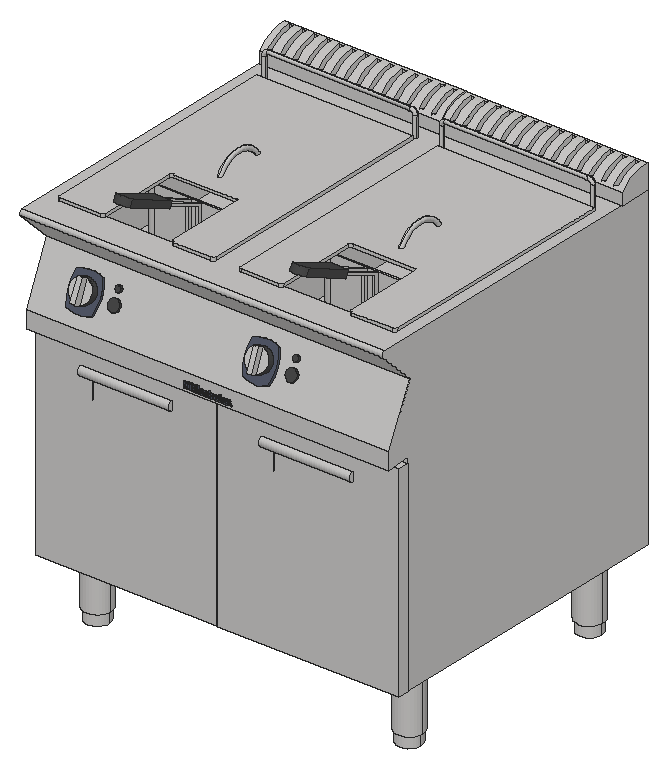
Revit family "QF_ELECTROLUXPROFESSIONAL_371069_E7FRGH2BF0", category Specialty Equipment, Revit 2018 (continued)
Automatic sketch dimensions
  Extrusion 20 sketch curve to Extrusion 20 sketch curve = 6.35 mm
  Extrusion 20 sketch curve to Extrusion 20 sketch curve = 97.432 mm
  Extrusion 21 sketch curve to plane 11 = 1.013 mm
  Extrusion 21 sketch curve to plane 11 = 3.696 mm
  Extrusion 21 sketch curve to plane 10 "TOP A" = 11.567 mm
  Extrusion 21 sketch curve to plane 11 = 84.899 mm
  Extrusion 21 sketch curve to Extrusion 21 sketch curve = 6.35 mm
  Extrusion 21 sketch curve to Extrusion 21 sketch curve = 97.432 mm
  Extrusion 21 sketch curve to plane 10 "TOP A" = 7.522 mm
  plane 1 "BACK" to Extrusion 23 sketch curve = 6.761 mm
  Extrusion 23 sketch curve to plane 7 "Center Y" = 15.351 mm
  Extrusion 23 sketch curve to Extrusion 23 sketch curve = 9.296 mm
  Extrusion 23 sketch curve to Extrusion 23 sketch curve = 57.15 mm
  plane 1 "BACK" to Extrusion 24 sketch curve = 6.761 mm
  plane 3 "LEFT" to Extrusion 24 sketch curve = 50.591 mm
  Extrusion 24 sketch curve to Extrusion 24 sketch curve = 9.296 mm
  Extrusion 24 sketch curve to Extrusion 24 sketch curve = 57.15 mm
  plane 1 "BACK" to Extrusion 25 sketch curve = 6.761 mm
  plane 3 "LEFT" to Extrusion 25 sketch curve = 78.433 mm
  Extrusion 25 sketch curve to Extrusion 25 sketch curve = 9.296 mm
  Extrusion 25 sketch curve to Extrusion 25 sketch curve = 57.15 mm
  plane 1 "BACK" to Extrusion 26 sketch curve = 6.761 mm
  plane 3 "LEFT" to Extrusion 26 sketch curve = 106.275 mm
  Extrusion 26 sketch curve to Extrusion 26 sketch curve = 9.296 mm
  Extrusion 26 sketch curve to Extrusion 26 sketch curve = 57.15 mm
  plane 1 "BACK" to Extrusion 27 sketch curve = 6.761 mm
  plane 3 "LEFT" to Extrusion 27 sketch curve = 134.118 mm
  Extrusion 27 sketch curve to Extrusion 27 sketch curve = 9.296 mm
  Extrusion 27 sketch curve to Extrusion 27 sketch curve = 57.15 mm
  plane 1 "BACK" to Extrusion 28 sketch curve = 6.761 mm
  plane 3 "LEFT" to Extrusion 28 sketch curve = 161.96 mm
  Extrusion 28 sketch curve to Extrusion 28 sketch curve = 9.296 mm
  Extrusion 28 sketch curve to Extrusion 28 sketch curve = 57.15 mm
  plane 1 "BACK" to Extrusion 29 sketch curve = 6.761 mm
  plane 3 "LEFT" to Extrusion 29 sketch curve = 189.802 mm
  Extrusion 29 sketch curve to Extrusion 29 sketch curve = 9.296 mm
  Extrusion 29 sketch curve to Extrusion 29 sketch curve = 57.15 mm
  plane 1 "BACK" to Extrusion 30 sketch curve = 6.761 mm
  Extrusion 30 sketch curve to plane 7 "Center Y" = 182.405 mm
  Extrusion 30 sketch curve to Extrusion 30 sketch curve = 9.296 mm
  Extrusion 30 sketch curve to Extrusion 30 sketch curve = 57.15 mm
  plane 1 "BACK" to Extrusion 31 sketch curve = 6.761 mm
  Extrusion 31 sketch curve to plane 7 "Center Y" = 154.563 mm
  Extrusion 31 sketch curve to Extrusion 31 sketch curve = 9.296 mm
  Extrusion 31 sketch curve to Extrusion 31 sketch curve = 57.15 mm
  plane 1 "BACK" to Extrusion 32 sketch curve = 6.761 mm
  Extrusion 32 sketch curve to plane 7 "Center Y" = 126.721 mm
  Extrusion 32 sketch curve to Extrusion 32 sketch curve = 9.296 mm
  Extrusion 32 sketch curve to Extrusion 32 sketch curve = 57.15 mm
  plane 1 "BACK" to Extrusion 33 sketch curve = 6.761 mm
  Extrusion 33 sketch curve to plane 7 "Center Y" = 98.878 mm
  Extrusion 33 sketch curve to Extrusion 33 sketch curve = 9.296 mm
  Extrusion 33 sketch curve to Extrusion 33 sketch curve = 57.15 mm
  plane 1 "BACK" to Extrusion 34 sketch curve = 6.761 mm
  Extrusion 34 sketch curve to plane 7 "Center Y" = 71.036 mm
  Extrusion 34 sketch curve to Extrusion 34 sketch curve = 9.296 mm
  Extrusion 34 sketch curve to Extrusion 34 sketch curve = 57.15 mm
  plane 1 "BACK" to Extrusion 35 sketch curve = 6.761 mm
  Extrusion 35 sketch curve to plane 7 "Center Y" = 43.194 mm
  Extrusion 35 sketch curve to Extrusion 35 sketch curve = 9.296 mm
  Extrusion 35 sketch curve to Extrusion 35 sketch curve = 57.15 mm
  Extrusion 37 sketch curve to plane 1 "BACK" = 6.761 mm
  Extrusion 37 sketch curve to plane 7 "Center Y" = 15.351 mm
  Extrusion 37 sketch curve to Extrusion 37 sketch curve = 9.296 mm
  Extrusion 37 sketch curve to Extrusion 37 sketch curve = 57.15 mm
  Extrusion 44 sketch curve to plane 1 "BACK" = 6.761 mm
  Extrusion 44 sketch curve to plane 7 "Center Y" = 182.405 mm
  Extrusion 44 sketch curve to Extrusion 44 sketch curve = 9.296 mm
  Extrusion 44 sketch curve to Extrusion 44 sketch curve = 57.15 mm
  Extrusion 45 sketch curve to plane 1 "BACK" = 6.761 mm
  Extrusion 45 sketch curve to plane 7 "Center Y" = 154.563 mm
  Extrusion 45 sketch curve to Extrusion 45 sketch curve = 9.296 mm
  Extrusion 45 sketch curve to Extrusion 45 sketch curve = 57.15 mm
  Extrusion 46 sketch curve to plane 1 "BACK" = 6.761 mm
  Extrusion 46 sketch curve to plane 7 "Center Y" = 126.721 mm
  Extrusion 46 sketch curve to Extrusion 46 sketch curve = 9.296 mm
  Extrusion 46 sketch curve to Extrusion 46 sketch curve = 57.15 mm
  Extrusion 47 sketch curve to plane 1 "BACK" = 6.761 mm
  Extrusion 47 sketch curve to plane 7 "Center Y" = 98.878 mm
  Extrusion 47 sketch curve to Extrusion 47 sketch curve = 9.296 mm
  Extrusion 47 sketch curve to Extrusion 47 sketch curve = 57.15 mm
  Extrusion 48 sketch curve to plane 1 "BACK" = 6.761 mm
  Extrusion 48 sketch curve to plane 7 "Center Y" = 71.036 mm
  Extrusion 48 sketch curve to Extrusion 48 sketch curve = 9.296 mm
  Extrusion 48 sketch curve to Extrusion 48 sketch curve = 57.15 mm
  Extrusion 49 sketch curve to plane 1 "BACK" = 6.761 mm
  Extrusion 49 sketch curve to plane 7 "Center Y" = 43.194 mm
  Extrusion 49 sketch curve to Extrusion 49 sketch curve = 9.296 mm
  Extrusion 49 sketch curve to Extrusion 49 sketch curve = 57.15 mm
  plane 1 "BACK" to Extrusion 50 sketch curve = 0 mm
  plane 7 "Center Y" to Extrusion 50 sketch curve = 1.587 mm
  Extrusion 50 sketch curve to plane 7 "Center Y" = 1.588 mm
  Extrusion 50 sketch curve to plane 1 "BACK" = 69.85 mm
  Extrusion 52 sketch curve to plane 5 "FRONT" = 42.863 mm
  Extrusion 52 sketch curve to Extrusion 52 sketch curve = 15 mm
  Extrusion 52 sketch curve to plane 9 "BASE" = 101.212 mm
  Extrusion 52 sketch curve to Extrusion 52 sketch curve = 41.212 mm
  Extrusion 53 sketch curve to plane 5 "FRONT" = 42.863 mm
  Extrusion 53 sketch curve to plane 9 "BASE" = 60 mm
  Extrusion 53 sketch curve to Extrusion 53 sketch curve = 10 mm
  Extrusion 54 sketch curve to plane 5 "FRONT" = 42.863 mm
  Extrusion 54 sketch curve to Extrusion 54 sketch curve = 15 mm
  Extrusion 54 sketch curve to plane 9 "BASE" = 60 mm
  Extrusion 54 sketch curve to Extrusion 54 sketch curve = 41.212 mm
  Extrusion 55 sketch curve to plane 5 "FRONT" = 42.863 mm
  Extrusion 55 sketch curve to plane 9 "BASE" = 40 mm
  Extrusion 55 sketch curve to Extrusion 55 sketch curve = 10 mm
  Revolve 56 sketch curve to level = 0 mm
  Revolve 56 sketch curve to plane 14 = 0 mm  (x2)
  level to Revolve 56 sketch curve = 25 mm
  Revolve 56 sketch curve to Revolve 56 sketch curve = 20 mm
  plane 3 "LEFT" to Revolve 56 sketch curve = 56 mm
  Revolve 56 sketch curve to Revolve 56 sketch curve = 0 mm
  plane 3 "LEFT" to Revolve 56 sketch curve = 29.75 mm
  plane 3 "LEFT" to Revolve 56 sketch curve = 26 mm
  Revolve 57 sketch curve to level = 0 mm
  Revolve 57 sketch curve to plane 14 = 0 mm  (x2)
  level to Revolve 57 sketch curve = 25 mm
  Revolve 57 sketch curve to Revolve 57 sketch curve = 20 mm
  plane 3 "LEFT" to Revolve 57 sketch curve = 56 mm
  Revolve 57 sketch curve to Revolve 57 sketch curve = 0 mm
  plane 3 "LEFT" to Revolve 57 sketch curve = 29.75 mm
  plane 3 "LEFT" to Revolve 57 sketch curve = 26 mm
  Extrusion 2 sketch curve to plane 10 "TOP A" = 0 mm
  Extrusion 2 sketch curve to plane 1 "BACK" = 0 mm
  Extrusion 2 sketch curve to plane 6 "TOP" = 0 mm
  plane 1 "BACK" to Extrusion 2 sketch curve = 1.769 mm
  plane 10 "TOP A" to Extrusion 2 sketch curve = 25.4 mm
  plane 1 "BACK" to Extrusion 2 sketch curve = 69.85 mm
  plane 12 to Extrusion 3 sketch curve = 0.124 mm  (x2)
  Extrusion 3 sketch curve to plane 4 "RIGHT" = 33.338 mm
  plane 7 "Center Y" to Extrusion 3 sketch curve = 26.988 mm
  Extrusion 3 sketch curve to plane 7 "Center Y" = 26.988 mm
  plane 3 "LEFT" to Extrusion 3 sketch curve = 33.338 mm
  plane 11 to Extrusion 3 sketch curve = 57.877 mm
  Extrusion 3 sketch curve to Extrusion 3 sketch curve = 0 mm
  Extrusion 5 sketch curve to Extrusion 1 = 31.333 mm  (x4)
  Extrusion 5 sketch curve to Extrusion 5 sketch curve = 12.3 mm  (x6)
  Extrusion 5 sketch curve to Extrusion 5 sketch curve = 34.925 mm  (x4)
  Extrusion 1 to Extrusion 5 sketch curve = 44.467 mm  (x2)
  Extrusion 1 to Extrusion 5 sketch curve = 248.835 mm
  Extrusion 5 sketch curve to Extrusion 5 sketch curve = 25.727 mm  (x4)
  Extrusion 5 sketch curve to Extrusion 5 sketch curve = 28.575 mm  (x2)
  Extrusion 1 to Extrusion 5 sketch curve = 162.442 mm
  Extrusion 6 sketch curve to Extrusion 6 sketch curve = 0 mm
  Extrusion 6 sketch curve to Extrusion 6 sketch curve = 388.937 mm
  Extrusion 7 sketch curve to Extrusion 7 sketch curve = 24.732 mm  (x2)
  Extrusion 7 sketch curve to Extrusion 7 sketch curve = 0 mm  (x2)
  Extrusion 1 to Extrusion 8 sketch curve = 39.678 mm  (x2)
  Extrusion 1 to Extrusion 8 sketch curve = 234.515 mm
  Extrusion 1 to Extrusion 8 sketch curve = 173.473 mm
  Extrusion 9 sketch curve to Extrusion 1 = 63.309 mm  (x2)
  Extrusion 1 to Extrusion 9 sketch curve = 234.515 mm
  Extrusion 1 to Extrusion 9 sketch curve = 173.473 mm
  plane 1 "BACK" to Extrusion 10 sketch curve = 0 mm
  Extrusion 10 sketch curve to plane 3 "LEFT" = 0 mm
  Extrusion 10 sketch curve to plane 4 "RIGHT" = 0 mm
  Extrusion 10 sketch curve to plane 3 "LEFT" = 150.019 mm
  plane 5 "FRONT" to Extrusion 10 sketch curve = 1.377 mm  (x2)
  plane 4 "RIGHT" to Extrusion 10 sketch curve = 150.019 mm
  Extrusion 10 sketch curve to plane 1 "BACK" = 150.019 mm
  curve 168 to plane 4 "RIGHT" = 0 mm
  curve 7 to plane 4 "RIGHT" = 0 mm
  plane 5 "FRONT" to curve 169 = 0 mm
  plane 1 "BACK" to curve 163 = 0 mm
  curve 6 to plane 3 "LEFT" = 0 mm
  curve 166 to plane 3 "LEFT" = 0 mm
  plane 4 "RIGHT" to curve 3 = 150.019 mm
  curve 122 to curve 121 = 9.296 mm
  curve 56 to plane 4 "RIGHT" = 26.987 mm
  curve 44 to curve 44 = 6.35 mm
  curve 43 to curve 78 = 10.61 mm
  plane 1 "BACK" to curve 129 = 6.761 mm
  curve 121 to curve 129 = 18.547 mm
  curve 128 to curve 127 = 9.296 mm
  curve 127 to curve 131 = 18.547 mm
  curve 169 to plane 4 "RIGHT" = 74.24 mm
  curve 131 to curve 132 = 9.296 mm
  curve 130 to curve 134 = 18.547 mm
  curve 169 to curve 46 = 47.997 mm
  curve 48 to plane 4 "RIGHT" = 128.587 mm
  curve 47 to curve 48 = 6.35 mm
  plane 1 "BACK" to curve 140 = 6.761 mm
  curve 136 to curve 140 = 18.547 mm
  curve 140 to curve 139 = 9.296 mm
  curve 47 to curve 67 = 54.879 mm
  curve 60 to curve 67 = 0 mm
  curve 60 to curve 67 = 3.442 mm
  curve 143 to curve 142 = 9.296 mm
  curve 58 to curve 64 = 4.079 mm
  curve 48 to curve 68 = 60.633 mm
  curve 64 to curve 63 = 5.857 mm
  curve 68 to curve 70 = 4.449 mm
  curve 67 to curve 60 = 18.617 mm
  curve 67 to curve 60 = 0 mm
  curve 63 to curve 66 = 17.363 mm
  curve 146 to curve 147 = 9.296 mm
  curve 66 to curve 65 = 5.857 mm
  curve 61 to curve 62 = 37.235 mm
  plane 1 "BACK" to curve 150 = 6.761 mm
  curve 145 to curve 150 = 18.547 mm
  curve 149 to curve 148 = 9.296 mm
  curve 65 to curve 50 = 51.399 mm
  curve 152 to curve 151 = 9.296 mm
  curve 62 to curve 62 = 53.67 mm
  curve 51 to curve 53 = 6.35 mm
  plane 1 "BACK" to curve 156 = 6.761 mm
  curve 151 to curve 156 = 18.547 mm
  curve 155 to curve 156 = 9.296 mm
  curve 158 to curve 159 = 9.296 mm
  plane 7 "Center Y" to curve 169 = 54.971 mm
  curve 157 to curve 161 = 18.547 mm
  curve 161 to curve 160 = 9.296 mm
  plane 7 "Center Y" to curve 53 = 33.338 mm
  plane 7 "Center Y" to curve 79 = 28.891 mm
  curve 54 to curve 54 = 6.35 mm
  curve 160 to curve 125 = 18.547 mm
  curve 125 to curve 124 = 9.296 mm
  plane 7 "Center Y" to curve 168 = 3.9 mm
  plane 7 "Center Y" to curve 163 = 1.588 mm
  curve 164 to plane 7 "Center Y" = 1.587 mm
  curve 166 to plane 7 "Center Y" = 3.9 mm
  plane 1 "BACK" to curve 82 = 6.761 mm
  curve 164 to curve 82 = 13.764 mm
  curve 24 to plane 7 "Center Y" = 26.988 mm
  curve 23 to curve 77 = 1.903 mm
  curve 22 to curve 22 = 6.35 mm
  curve 83 to curve 118 = 18.547 mm
  curve 118 to curve 120 = 9.296 mm
  curve 167 to plane 7 "Center Y" = 54.971 mm
  curve 116 to curve 112 = 18.547 mm
  curve 112 to curve 113 = 9.296 mm
  curve 22 to curve 20 = 82.55 mm
  curve 18 to plane 7 "Center Y" = 122.238 mm
  plane 1 "BACK" to curve 109 = 6.761 mm
  curve 113 to curve 109 = 18.547 mm
  curve 18 to curve 17 = 6.35 mm
  curve 109 to curve 110 = 9.296 mm
  plane 1 "BACK" to curve 108 = 6.761 mm
  curve 110 to curve 108 = 18.547 mm
  curve 106 to curve 107 = 9.296 mm
  curve 27 to plane 11 = 5.711 mm
  curve 19 to curve 27 = 53.67 mm
  curve 26 to curve 34 = 4.079 mm
  curve 107 to curve 103 = 18.547 mm
  curve 34 to curve 35 = 5.857 mm
  curve 103 to curve 104 = 9.296 mm
  curve 36 to curve 36 = 18.617 mm
  curve 29 to curve 36 = 0 mm
  plane 8 "Center X" to curve 38 = 38.031 mm
  curve 18 to curve 38 = 66.994 mm
  curve 40 to curve 40 = 4.449 mm
  curve 35 to curve 32 = 17.363 mm
  curve 32 to curve 33 = 5.857 mm
  plane 1 "BACK" to curve 102 = 6.761 mm
  curve 104 to curve 102 = 18.547 mm
  curve 33 to curve 28 = 4.079 mm
  curve 36 to curve 36 = 3.442 mm
  curve 36 to curve 29 = 3.442 mm
  curve 100 to curve 101 = 9.296 mm
  curve 101 to curve 97 = 18.547 mm
  curve 97 to curve 99 = 9.296 mm
  curve 33 to curve 17 = 56.049 mm
  plane 1 "BACK" to curve 94 = 6.761 mm
  curve 98 to curve 94 = 18.547 mm
  curve 16 to curve 15 = 6.35 mm
  curve 94 to curve 95 = 9.296 mm
  curve 15 to curve 14 = 6.35 mm
  curve 95 to curve 91 = 18.547 mm
  plane 1 "BACK" to curve 88 = 6.761 mm
  curve 92 to curve 88 = 18.547 mm
  curve 167 to curve 5 = 74.24 mm
  curve 88 to curve 90 = 9.296 mm
  plane 3 "LEFT" to curve 75 = 37.598 mm
  plane 3 "LEFT" to curve 12 = 33.338 mm
  curve 75 to curve 11 = 10.61 mm
  curve 8 to curve 9 = 9.296 mm
  plane 5 "FRONT" to curve 1 = 1.377 mm
  curve 1 to plane 3 "LEFT" = 150.019 mm
  curve 1 to plane 1 "BACK" = 150.019 mm
  plane 1 "BACK" to curve 162 = 6.761 mm
  plane 1 "BACK" to curve 98 = 6.761 mm
  plane 1 "BACK" to curve 8 = 6.761 mm
  plane 1 "BACK" to curve 93 = 6.761 mm
  plane 1 "BACK" to curve 159 = 6.761 mm
  plane 1 "BACK" to curve 87 = 6.761 mm
  plane 1 "BACK" to curve 153 = 6.761 mm
  plane 1 "BACK" to curve 147 = 6.761 mm
  plane 1 "BACK" to curve 103 = 6.761 mm
  plane 1 "BACK" to curve 144 = 6.761 mm
  plane 1 "BACK" to curve 138 = 6.761 mm
  plane 1 "BACK" to curve 112 = 6.761 mm
  plane 1 "BACK" to curve 135 = 6.761 mm
  plane 1 "BACK" to curve 115 = 6.761 mm
  plane 1 "BACK" to curve 132 = 6.761 mm
  plane 1 "BACK" to curve 118 = 6.761 mm
  plane 1 "BACK" to curve 121 = 6.761 mm
  plane 1 "BACK" to curve 126 = 6.761 mm
  curve 125 to curve 125 = 57.15 mm
  curve 127 to curve 121 = 0 mm
  curve 130 to curve 127 = 0 mm
  curve 133 to curve 130 = 0 mm
  curve 136 to curve 133 = 0 mm
  curve 139 to curve 136 = 0 mm
  curve 142 to curve 139 = 0 mm
  curve 145 to curve 142 = 0 mm
  curve 118 to curve 82 = 0 mm
  curve 148 to curve 145 = 0 mm
  curve 8 to curve 85 = 0 mm
  curve 151 to curve 148 = 0 mm
  curve 85 to curve 88 = 0 mm
  curve 154 to curve 151 = 0 mm
  curve 88 to curve 91 = 0 mm
  curve 157 to curve 154 = 0 mm
  curve 94 to curve 98 = 0 mm
  curve 125 to curve 160 = 0 mm
  curve 82 to curve 164 = 5.939 mm
  curve 25 to curve 165 = 0 mm
  curve 125 to curve 78 = 36.504 mm
  curve 83 to curve 77 = 36.504 mm
  curve 74 to curve 75 = 7.655 mm
  curve 78 to curve 79 = 7.655 mm
  curve 79 to curve 56 = 4.767 mm
  curve 75 to curve 11 = 4.767 mm
  plane 8 "Center X" to curve 71 = 38.031 mm
  curve 37 to plane 8 "Center X" = 63.432 mm
  curve 70 to plane 8 "Center X" = 63.432 mm
  curve 69 to curve 50 = 46.229 mm
  curve 37 to curve 16 = 46.229 mm
  curve 50 to curve 72 = 22.324 mm
  curve 16 to curve 41 = 22.324 mm
  curve 72 to curve 73 = 3.175 mm
  curve 41 to curve 42 = 3.175 mm
  curve 66 to plane 11 = 5.711 mm
  plane 11 to curve 55 = 57.877 mm
  plane 11 to curve 19 = 57.877 mm
  plane 11 to curve 43 = 57.877 mm
  plane 11 to curve 15 = 57.877 mm
  curve 11 to curve 166 = 31.626 mm
  curve 43 to curve 168 = 31.626 mm
  curve 30 to curve 36 = 33.188 mm
  curve 61 to curve 67 = 33.188 mm
  curve 67 to curve 60 = 6.713 mm
  curve 36 to curve 29 = 6.713 mm  (x2)
  curve 29 to curve 36 = 4.011 mm
  curve 60 to curve 67 = 4.011 mm
  curve 67 to curve 59 = 6.713 mm
  plane 5 "FRONT" to curve 3 = 1.377 mm
  Extrusion 11 sketch curve to plane 4 "RIGHT" = 26.988 mm
  Extrusion 11 sketch curve to Extrusion 11 sketch curve = 6.35 mm  (x8)
  Extrusion 11 sketch curve to Extrusion 11 sketch curve = 88.9 mm
  Extrusion 11 sketch curve to plane 4 "RIGHT" = 128.588 mm
  plane 7 "Center Y" to Extrusion 11 sketch curve = 128.588 mm
  plane 11 to Extrusion 11 sketch curve = 57.877 mm  (x4)
  plane 7 "Center Y" to Extrusion 11 sketch curve = 122.238 mm
  plane 7 "Center Y" to Extrusion 11 sketch curve = 33.338 mm
  Extrusion 11 sketch curve to plane 7 "Center Y" = 26.988 mm
  Extrusion 11 sketch curve to Extrusion 11 sketch curve = 82.55 mm
  plane 3 "LEFT" to Extrusion 11 sketch curve = 134.938 mm
  plane 3 "LEFT" to Extrusion 11 sketch curve = 128.588 mm
  plane 3 "LEFT" to Extrusion 11 sketch curve = 33.338 mm
  plane 3 "LEFT" to Extrusion 11 sketch curve = 26.988 mm
  Extrusion 11 sketch curve to plane 8 "Center X" = 116.012 mm  (x2)
  Extrusion 11 sketch curve to plane 12 = 34.801 mm  (x2)
  Sweep 12 sketch curve to plane 10 "TOP A" = 0 mm  (x2)
  Sweep 12 sketch curve to plane 6 "TOP" = 9.525 mm
  plane 3 "LEFT" to Sweep 12 sketch curve = 39.688 mm
  Sweep 12 sketch curve to Sweep 12 sketch curve = 6.35 mm  (x2)
  Sweep 12 sketch curve to plane 7 "Center Y" = 37.331 mm
  Sweep 12 sketch curve to profile plane = 2.09 mm
  profile plane to Sweep 12 sketch curve = 140.754 mm
  Extrusion 19 sketch curve to Extrusion 19 sketch curve = 0 mm  (x16)
  Extrusion 19 sketch curve to plane 4 "RIGHT" = 91.225 mm
  Extrusion 19 sketch curve to Extrusion 19 sketch curve = 3.175 mm  (x2)
  Extrusion 19 sketch curve to Extrusion 19 sketch curve = 22.225 mm  (x6)
  plane 7 "Center Y" to Extrusion 19 sketch curve = 105.625 mm  (x2)
  plane 12 to Extrusion 19 sketch curve = 44.673 mm
  Extrusion 19 sketch curve to plane 7 "Center Y" = 80.225 mm
  plane 3 "LEFT" to Extrusion 19 sketch curve = 116.625 mm  (x2)
  plane 12 to Extrusion 19 sketch curve = 41.498 mm
  Extrusion 19 sketch curve to plane 8 "Center X" = 116.11 mm  (x2)
  Sweep 22 sketch curve to plane 10 "TOP A" = 0 mm  (x2)
  Sweep 22 sketch curve to plane 6 "TOP" = 9.525 mm
  Sweep 22 sketch curve to plane 4 "RIGHT" = 39.688 mm
  Sweep 22 sketch curve to Sweep 22 sketch curve = 6.35 mm  (x2)
  plane 7 "Center Y" to Sweep 22 sketch curve = 37.331 mm
  profile plane to Sweep 22 sketch curve = 2.09 mm
  profile plane to Sweep 22 sketch curve = 140.754 mm
  Extrusion 36 sketch curve to plane 1 "BACK" = 6.761 mm
  plane 4 "RIGHT" to Extrusion 36 sketch curve = 22.749 mm
  Extrusion 36 sketch curve to Extrusion 36 sketch curve = 9.296 mm
  Extrusion 36 sketch curve to Extrusion 36 sketch curve = 57.15 mm
  Extrusion 38 sketch curve to plane 1 "BACK" = 6.761 mm
  plane 4 "RIGHT" to Extrusion 38 sketch curve = 50.591 mm
  Extrusion 38 sketch curve to Extrusion 38 sketch curve = 9.296 mm
  Extrusion 38 sketch curve to Extrusion 38 sketch curve = 57.15 mm
  Extrusion 39 sketch curve to plane 1 "BACK" = 6.761 mm
  plane 4 "RIGHT" to Extrusion 39 sketch curve = 78.433 mm
  Extrusion 39 sketch curve to Extrusion 39 sketch curve = 9.296 mm
  Extrusion 39 sketch curve to Extrusion 39 sketch curve = 57.15 mm
  Extrusion 40 sketch curve to plane 1 "BACK" = 6.761 mm
  plane 4 "RIGHT" to Extrusion 40 sketch curve = 106.275 mm
  Extrusion 40 sketch curve to Extrusion 40 sketch curve = 9.296 mm
  Extrusion 40 sketch curve to Extrusion 40 sketch curve = 57.15 mm
  Extrusion 41 sketch curve to plane 1 "BACK" = 6.761 mm
  plane 4 "RIGHT" to Extrusion 41 sketch curve = 134.118 mm
  Extrusion 41 sketch curve to Extrusion 41 sketch curve = 9.296 mm
  Extrusion 41 sketch curve to Extrusion 41 sketch curve = 57.15 mm
  Extrusion 42 sketch curve to plane 1 "BACK" = 6.761 mm
  plane 4 "RIGHT" to Extrusion 42 sketch curve = 161.96 mm
  Extrusion 42 sketch curve to Extrusion 42 sketch curve = 9.296 mm
  Extrusion 42 sketch curve to Extrusion 42 sketch curve = 57.15 mm
  Extrusion 43 sketch curve to plane 1 "BACK" = 6.761 mm
  plane 4 "RIGHT" to Extrusion 43 sketch curve = 189.802 mm
  Extrusion 43 sketch curve to Extrusion 43 sketch curve = 9.296 mm
  Extrusion 43 sketch curve to Extrusion 43 sketch curve = 57.15 mm
  Extrusion 51 sketch curve to Extrusion 1 = 0 mm
  Extrusion 1 to Extrusion 51 sketch curve = 12.7 mm
  Extrusion 1 to Extrusion 51 sketch curve = 398.463 mm
  Extrusion 51 sketch curve to Extrusion 51 sketch curve = 3.175 mm
  Revolve 58 sketch curve to level = 0 mm
  Revolve 58 sketch curve to plane 14 = 0 mm  (x2)
  level to Revolve 58 sketch curve = 25 mm
  Revolve 58 sketch curve to Revolve 58 sketch curve = 20 mm
  Revolve 58 sketch curve to plane 4 "RIGHT" = 26 mm
  Revolve 58 sketch curve to Revolve 58 sketch curve = 3.75 mm
  Revolve 58 sketch curve to Revolve 58 sketch curve = 30 mm
  Revolve 58 sketch curve to Revolve 58 sketch curve = 0 mm
  Revolve 59 sketch curve to level = 0 mm
  Revolve 59 sketch curve to plane 14 = 0 mm  (x2)
  level to Revolve 59 sketch curve = 25 mm
  Revolve 59 sketch curve to Revolve 59 sketch curve = 20 mm
  Revolve 59 sketch curve to plane 4 "RIGHT" = 26 mm
  Revolve 59 sketch curve to Revolve 59 sketch curve = 3.75 mm
  Revolve 59 sketch curve to Revolve 59 sketch curve = 30 mm
  Revolve 59 sketch curve to Revolve 59 sketch curve = 0 mm
  Extrusion 60 sketch curve to plane 4 "RIGHT" = 0 mm
  Extrusion 60 sketch curve to plane 3 "LEFT" = 0 mm
  plane 7 "Center Y" to Extrusion 60 sketch curve = 1.588 mm
  Extrusion 60 sketch curve to plane 7 "Center Y" = 1.588 mm
  Extrusion 60 sketch curve to plane 5 "FRONT" = 42.863 mm  (x2)
  Extrusion 61 sketch curve to plane 4 "RIGHT" = 56 mm
  Extrusion 61 sketch curve to plane 11 = 92.884 mm
  plane 3 "LEFT" to curve 170 = 13.453 mm
  curve 170 to curve 170 = 9.296 mm
  curve 170 to curve 172 = 18.547 mm
  curve 172 to curve 172 = 9.296 mm
  curve 172 to curve 173 = 18.547 mm
  curve 173 to curve 173 = 9.296 mm
  curve 173 to curve 174 = 18.547 mm
  curve 174 to curve 174 = 9.296 mm
  curve 174 to curve 175 = 18.547 mm
  curve 175 to curve 175 = 9.296 mm
  curve 175 to curve 176 = 18.547 mm
  curve 176 to curve 176 = 9.296 mm
  curve 176 to curve 177 = 18.547 mm
  curve 177 to curve 177 = 9.296 mm
  curve 177 to curve 178 = 18.547 mm
  curve 178 to curve 178 = 9.296 mm
  curve 178 to curve 179 = 18.547 mm
  curve 179 to curve 179 = 9.296 mm
  curve 179 to curve 180 = 18.547 mm
  curve 180 to curve 180 = 9.296 mm
  curve 180 to curve 181 = 18.547 mm
  curve 181 to curve 181 = 9.296 mm
  curve 181 to curve 182 = 18.547 mm
  curve 182 to curve 182 = 9.296 mm
  curve 182 to curve 183 = 18.547 mm
  curve 183 to curve 183 = 9.296 mm
  curve 183 to curve 171 = 18.547 mm
  curve 171 to curve 171 = 9.296 mm
  plane 7 "Center Y" to curve 185 = 15.351 mm
  curve 185 to curve 185 = 9.296 mm
  curve 185 to curve 197 = 18.547 mm
  curve 197 to curve 197 = 9.296 mm
  curve 197 to curve 196 = 18.547 mm
  curve 196 to curve 196 = 9.296 mm
  curve 196 to curve 195 = 18.547 mm
  curve 195 to curve 195 = 9.296 mm
  curve 195 to curve 194 = 18.547 mm
  curve 194 to curve 194 = 9.296 mm
  curve 194 to curve 193 = 18.547 mm
  curve 193 to curve 193 = 9.296 mm
  curve 193 to curve 192 = 18.547 mm
  curve 192 to curve 192 = 9.296 mm
  curve 192 to curve 191 = 18.547 mm
  curve 191 to curve 191 = 9.296 mm
  curve 191 to curve 190 = 18.547 mm
  curve 190 to curve 190 = 9.296 mm
  curve 190 to curve 189 = 18.547 mm
  curve 189 to curve 189 = 9.296 mm
  curve 189 to curve 188 = 18.547 mm
  curve 188 to curve 188 = 9.296 mm
  curve 188 to curve 187 = 18.547 mm
  curve 187 to curve 187 = 9.296 mm
  curve 187 to curve 186 = 18.547 mm
  curve 186 to curve 186 = 9.296 mm
  curve 186 to curve 184 = 18.547 mm
  curve 184 to curve 184 = 9.296 mm
  plane 1 "BACK" to curve 170 = 63.911 mm
  plane 1 "BACK" to curve 171 = 63.911 mm
  curve 170 to curve 172 = 0 mm
  curve 172 to curve 173 = 0 mm
  curve 173 to curve 174 = 0 mm
  curve 174 to curve 175 = 0 mm
  curve 175 to curve 176 = 0 mm
  curve 176 to curve 177 = 0 mm
  curve 177 to curve 178 = 0 mm
  curve 178 to curve 179 = 0 mm
  curve 179 to curve 180 = 0 mm
  curve 180 to curve 181 = 0 mm
  curve 181 to curve 182 = 0 mm
  curve 182 to curve 183 = 0 mm
  plane 1 "BACK" to curve 184 = 63.911 mm
  curve 171 to curve 185 = 0 mm
  curve 186 to curve 184 = 0 mm
  curve 187 to curve 186 = 0 mm
  curve 188 to curve 187 = 0 mm
  curve 189 to curve 188 = 0 mm
  curve 190 to curve 189 = 0 mm
  curve 191 to curve 190 = 0 mm
  curve 192 to curve 191 = 0 mm
  curve 193 to curve 192 = 0 mm
  curve 194 to curve 193 = 0 mm
  curve 195 to curve 194 = 0 mm
  curve 196 to curve 195 = 0 mm
  curve 197 to curve 196 = 0 mm
  curve 122 to plane 4 "RIGHT" = 13.453 mm
  curve 134 to curve 133 = 9.296 mm
  curve 133 to curve 138 = 18.547 mm
  curve 137 to curve 138 = 9.296 mm
  curve 139 to curve 143 = 18.547 mm
  curve 142 to curve 146 = 18.547 mm
  curve 148 to curve 152 = 18.547 mm
  curve 154 to curve 158 = 18.547 mm
  curve 82 to curve 84 = 9.296 mm
  curve 119 to curve 115 = 18.547 mm
  curve 115 to curve 116 = 9.296 mm
  curve 91 to curve 92 = 9.296 mm
  curve 89 to curve 85 = 18.547 mm
  curve 85 to curve 86 = 9.296 mm
  curve 86 to curve 10 = 18.547 mm
  curve 112 to curve 112 = 57.15 mm
  curve 113 to curve 112 = 0 mm
  curve 112 to curve 115 = 0 mm
  curve 116 to curve 115 = 0 mm
  curve 115 to curve 118 = 0 mm
  curve 110 to curve 113 = 0 mm
  curve 110 to curve 109 = 0 mm
  curve 119 to curve 118 = 0 mm
  curve 121 to curve 165 = 5.939 mm
  curve 121 to curve 122 = 0 mm
  curve 124 to curve 125 = 0 mm
  curve 107 to curve 110 = 0 mm
  curve 107 to curve 106 = 0 mm
  curve 127 to curve 128 = 0 mm
  curve 104 to curve 107 = 0 mm
  curve 104 to curve 103 = 0 mm
  curve 130 to curve 131 = 0 mm
  curve 133 to curve 134 = 0 mm
  curve 101 to curve 104 = 0 mm
  curve 101 to curve 100 = 0 mm
  curve 136 to curve 137 = 0 mm
  curve 139 to curve 140 = 0 mm
  curve 98 to curve 101 = 0 mm
  curve 98 to curve 97 = 0 mm
  curve 142 to curve 143 = 0 mm
  curve 86 to curve 25 = 5.939 mm
  curve 86 to curve 85 = 0 mm
  curve 95 to curve 94 = 0 mm
  curve 145 to curve 146 = 0 mm
  curve 148 to curve 149 = 0 mm
  curve 92 to curve 91 = 0 mm
  curve 151 to curve 152 = 0 mm
  curve 154 to curve 155 = 0 mm
  curve 89 to curve 88 = 0 mm
  curve 9 to curve 8 = 0 mm
  curve 160 to curve 161 = 0 mm
  curve 83 to curve 82 = 0 mm
  curve 157 to curve 158 = 0 mm
  plane 9 "BASE" to Extrusion 62 sketch curve = 9.251 mm
  plane 9 "BASE" to Extrusion 62 sketch curve = 14.292 mm
  plane 7 "Center Y" to Extrusion 62 sketch curve = 5.651 mm
  plane 9 "BASE" to Extrusion 62 sketch curve = 14.311 mm
  Extrusion 62 sketch curve to Extrusion 62 sketch curve = 0 mm  (x28)
  Extrusion 62 sketch curve to Extrusion 62 sketch curve = 5.108 mm  (x2)
  Extrusion 62 sketch curve to Extrusion 62 sketch curve = 0.054 mm
  Extrusion 62 sketch curve to Extrusion 62 sketch curve = 0.218 mm
  Extrusion 62 sketch curve to Extrusion 62 sketch curve = 0.195 mm
  Extrusion 62 sketch curve to Extrusion 62 sketch curve = 0.249 mm
  plane 9 "BASE" to Extrusion 62 sketch curve = 14.608 mm
  Extrusion 62 sketch curve to Extrusion 62 sketch curve = 0.087 mm
  Extrusion 62 sketch curve to Extrusion 62 sketch curve = 0.358 mm
  Extrusion 62 sketch curve to Extrusion 62 sketch curve = 0.481 mm
  Extrusion 62 sketch curve to Extrusion 62 sketch curve = 0.597 mm
  Extrusion 62 sketch curve to Extrusion 62 sketch curve = 0.544 mm
  Extrusion 62 sketch curve to Extrusion 62 sketch curve = 0.936 mm
  Extrusion 62 sketch curve to Extrusion 62 sketch curve = 0.594 mm
  Extrusion 62 sketch curve to Extrusion 62 sketch curve = 0.343 mm
  Extrusion 62 sketch curve to Extrusion 62 sketch curve = 0.159 mm
  Extrusion 62 sketch curve to Extrusion 62 sketch curve = 0.826 mm
  Extrusion 62 sketch curve to Extrusion 62 sketch curve = 0.839 mm
  Extrusion 62 sketch curve to Extrusion 62 sketch curve = 0.852 mm
  Extrusion 62 sketch curve to Extrusion 62 sketch curve = 0.887 mm
  Extrusion 62 sketch curve to Extrusion 62 sketch curve = 0.928 mm
  Extrusion 62 sketch curve to Extrusion 62 sketch curve = 0.938 mm
  Extrusion 62 sketch curve to Extrusion 62 sketch curve = 0.444 mm
  Extrusion 62 sketch curve to Extrusion 62 sketch curve = 1.11 mm  (x3)
  Extrusion 62 sketch curve to Extrusion 62 sketch curve = 0.215 mm
  plane 7 "Center Y" to Extrusion 62 sketch curve = 0.014 mm
  Extrusion 62 sketch curve to Extrusion 62 sketch curve = 1.43 mm
  Extrusion 62 sketch curve to Extrusion 62 sketch curve = 1.188 mm
  Extrusion 62 sketch curve to Extrusion 62 sketch curve = 1.21 mm  (x2)
  Extrusion 62 sketch curve to Extrusion 62 sketch curve = 0.503 mm
  Extrusion 62 sketch curve to Extrusion 62 sketch curve = 0.488 mm
  Extrusion 62 sketch curve to Extrusion 62 sketch curve = 0.462 mm
  Extrusion 62 sketch curve to Extrusion 62 sketch curve = 1.386 mm
  Extrusion 62 sketch curve to Extrusion 62 sketch curve = 1.742 mm  (x2)
  Extrusion 62 sketch curve to Extrusion 62 sketch curve = 0.821 mm
  Extrusion 62 sketch curve to Extrusion 62 sketch curve = 0.497 mm
  Extrusion 62 sketch curve to Extrusion 62 sketch curve = 0.539 mm
  Extrusion 62 sketch curve to Extrusion 62 sketch curve = 0.686 mm
  Extrusion 62 sketch curve to plane 7 "Center Y" = 0.36 mm
  Extrusion 62 sketch curve to Extrusion 62 sketch curve = 0.408 mm
  Extrusion 62 sketch curve to Extrusion 62 sketch curve = 0.743 mm
  Extrusion 62 sketch curve to Extrusion 62 sketch curve = 1.16 mm
  Extrusion 62 sketch curve to Extrusion 62 sketch curve = 0.329 mm
  Extrusion 62 sketch curve to Extrusion 62 sketch curve = 1.054 mm
  Extrusion 62 sketch curve to Extrusion 62 sketch curve = 1.056 mm
  Extrusion 62 sketch curve to Extrusion 62 sketch curve = 0.129 mm
  Extrusion 62 sketch curve to Extrusion 62 sketch curve = 0.489 mm
  Extrusion 62 sketch curve to Extrusion 62 sketch curve = 0.441 mm
  Extrusion 62 sketch curve to Extrusion 62 sketch curve = 1.151 mm
  Extrusion 62 sketch curve to Extrusion 62 sketch curve = 1.141 mm  (x2)
  Extrusion 62 sketch curve to Extrusion 62 sketch curve = 0.768 mm
  Extrusion 62 sketch curve to Extrusion 62 sketch curve = 1.653 mm
  Extrusion 62 sketch curve to Extrusion 62 sketch curve = 0.499 mm
  Extrusion 62 sketch curve to Extrusion 62 sketch curve = 0.964 mm
  Extrusion 62 sketch curve to Extrusion 62 sketch curve = 0.949 mm
  Extrusion 62 sketch curve to Extrusion 62 sketch curve = 1.345 mm  (x2)
  Extrusion 62 sketch curve to Extrusion 62 sketch curve = 0.137 mm  (x2)
  Extrusion 62 sketch curve to Extrusion 62 sketch curve = 0.432 mm
  Extrusion 62 sketch curve to Extrusion 62 sketch curve = 1.142 mm
  Extrusion 62 sketch curve to Extrusion 62 sketch curve = 0.959 mm
  Extrusion 62 sketch curve to Extrusion 62 sketch curve = 0.176 mm
  Extrusion 62 sketch curve to Extrusion 62 sketch curve = 0.728 mm
  Extrusion 62 sketch curve to Extrusion 62 sketch curve = 3.375 mm  (x2)
  Extrusion 62 sketch curve to Extrusion 62 sketch curve = 1.905 mm
  Extrusion 62 sketch curve to Extrusion 62 sketch curve = 0.955 mm
  Extrusion 62 sketch curve to Extrusion 62 sketch curve = 1.251 mm
  Extrusion 62 sketch curve to Extrusion 62 sketch curve = 0.572 mm
  Extrusion 62 sketch curve to Extrusion 62 sketch curve = 1.92 mm
  Extrusion 62 sketch curve to Extrusion 62 sketch curve = 1.224 mm
  Extrusion 62 sketch curve to Extrusion 62 sketch curve = 0.745 mm
  Extrusion 62 sketch curve to Extrusion 62 sketch curve = 0.036 mm
  Extrusion 62 sketch curve to Extrusion 62 sketch curve = 0.896 mm  (x3)
  Extrusion 62 sketch curve to Extrusion 62 sketch curve = 2.607 mm
  Extrusion 62 sketch curve to Extrusion 62 sketch curve = 0.066 mm
  Extrusion 62 sketch curve to Extrusion 62 sketch curve = 0.248 mm
  Extrusion 62 sketch curve to Extrusion 62 sketch curve = 0.449 mm
  Extrusion 62 sketch curve to Extrusion 62 sketch curve = 1.052 mm
  Extrusion 62 sketch curve to Extrusion 62 sketch curve = 1.863 mm
  Extrusion 62 sketch curve to Extrusion 62 sketch curve = 1.31 mm  (x2)
  Extrusion 62 sketch curve to Extrusion 62 sketch curve = 0.901 mm
  Extrusion 62 sketch curve to Extrusion 62 sketch curve = 1.107 mm
  Extrusion 62 sketch curve to Extrusion 62 sketch curve = 2.122 mm
  Extrusion 62 sketch curve to Extrusion 62 sketch curve = 2.101 mm
  Extrusion 62 sketch curve to Extrusion 62 sketch curve = 0.106 mm
  Extrusion 62 sketch curve to Extrusion 62 sketch curve = 0.029 mm
  Extrusion 62 sketch curve to Extrusion 62 sketch curve = 2.09 mm
  Extrusion 62 sketch curve to Extrusion 62 sketch curve = 1.279 mm
  Extrusion 62 sketch curve to Extrusion 62 sketch curve = 2.008 mm
  Extrusion 62 sketch curve to Extrusion 62 sketch curve = 0.738 mm
  Extrusion 62 sketch curve to Extrusion 62 sketch curve = 0.382 mm
  Extrusion 62 sketch curve to Extrusion 62 sketch curve = 0.384 mm
  Extrusion 62 sketch curve to Extrusion 62 sketch curve = 0.002 mm
  Extrusion 62 sketch curve to Extrusion 62 sketch curve = 0.561 mm
  Extrusion 62 sketch curve to Extrusion 62 sketch curve = 0.592 mm
  Extrusion 62 sketch curve to Extrusion 62 sketch curve = 2.692 mm
  Extrusion 62 sketch curve to Extrusion 62 sketch curve = 1.259 mm
  Extrusion 62 sketch curve to Extrusion 62 sketch curve = 0.802 mm
  Extrusion 62 sketch curve to Extrusion 62 sketch curve = 1.024 mm
  Extrusion 62 sketch curve to Extrusion 62 sketch curve = 0.682 mm
  Extrusion 62 sketch curve to Extrusion 62 sketch curve = 5.934 mm
  Extrusion 62 sketch curve to Extrusion 62 sketch curve = 2.186 mm
  Extrusion 62 sketch curve to Extrusion 62 sketch curve = 0.337 mm
  Extrusion 62 sketch curve to Extrusion 62 sketch curve = 0.021 mm
  Extrusion 62 sketch curve to Extrusion 62 sketch curve = 1.005 mm
  Extrusion 62 sketch curve to Extrusion 62 sketch curve = 0.552 mm
  Extrusion 62 sketch curve to Extrusion 62 sketch curve = 0.778 mm
  Extrusion 62 sketch curve to Extrusion 62 sketch curve = 0.063 mm
  Extrusion 62 sketch curve to Extrusion 62 sketch curve = 1.023 mm
  Extrusion 62 sketch curve to Extrusion 62 sketch curve = 3.804 mm
  Extrusion 62 sketch curve to Extrusion 62 sketch curve = 0.486 mm
  Extrusion 62 sketch curve to Extrusion 62 sketch curve = 0.266 mm  (x2)
  Extrusion 62 sketch curve to plane 7 "Center Y" = 1.105 mm
  Extrusion 62 sketch curve to Extrusion 62 sketch curve = 1.547 mm
  Extrusion 62 sketch curve to Extrusion 62 sketch curve = 0.717 mm  (x2)
  Extrusion 62 sketch curve to Extrusion 62 sketch curve = 1.667 mm
  Extrusion 62 sketch curve to Extrusion 62 sketch curve = 3.174 mm
  plane 7 "Center Y" to Extrusion 62 sketch curve = 0.05 mm
  Extrusion 62 sketch curve to Extrusion 62 sketch curve = 0.388 mm
  Extrusion 62 sketch curve to Extrusion 62 sketch curve = 1.342 mm
  Extrusion 62 sketch curve to Extrusion 62 sketch curve = 1.521 mm
  Extrusion 62 sketch curve to Extrusion 62 sketch curve = 0.124 mm
  Extrusion 62 sketch curve to Extrusion 62 sketch curve = 0.291 mm
  plane 7 "Center Y" to Extrusion 62 sketch curve = 6.967 mm
  Extrusion 62 sketch curve to Extrusion 62 sketch curve = 1.049 mm  (x2)
  Extrusion 62 sketch curve to Extrusion 62 sketch curve = 1.7 mm
  Extrusion 62 sketch curve to Extrusion 62 sketch curve = 0.894 mm
  Extrusion 62 sketch curve to Extrusion 62 sketch curve = 0.989 mm
  Extrusion 62 sketch curve to Extrusion 62 sketch curve = 1.168 mm
  Extrusion 62 sketch curve to Extrusion 62 sketch curve = 1.594 mm
  Extrusion 62 sketch curve to Extrusion 62 sketch curve = 0.731 mm
  Extrusion 62 sketch curve to Extrusion 62 sketch curve = 1.566 mm
  Extrusion 62 sketch curve to Extrusion 62 sketch curve = 0.064 mm
  plane 7 "Center Y" to Extrusion 62 sketch curve = 7.523 mm
  Extrusion 62 sketch curve to Extrusion 62 sketch curve = 0.556 mm  (x2)
  Extrusion 62 sketch curve to Extrusion 62 sketch curve = 0.48 mm
  Extrusion 62 sketch curve to Extrusion 62 sketch curve = 0.228 mm
  Extrusion 62 sketch curve to Extrusion 62 sketch curve = 1.018 mm
  Extrusion 62 sketch curve to Extrusion 62 sketch curve = 0.787 mm
  Extrusion 62 sketch curve to Extrusion 62 sketch curve = 0.618 mm
  Extrusion 62 sketch curve to Extrusion 62 sketch curve = 1.672 mm
  Extrusion 62 sketch curve to Extrusion 62 sketch curve = 1.361 mm
  Extrusion 62 sketch curve to Extrusion 62 sketch curve = 0.822 mm
  Extrusion 62 sketch curve to Extrusion 62 sketch curve = 0.069 mm
  Extrusion 62 sketch curve to Extrusion 62 sketch curve = 1.88 mm
  Extrusion 62 sketch curve to Extrusion 62 sketch curve = 0.42 mm
  Extrusion 62 sketch curve to Extrusion 62 sketch curve = 0.062 mm
  Extrusion 62 sketch curve to Extrusion 62 sketch curve = 1.355 mm
  Extrusion 62 sketch curve to Extrusion 62 sketch curve = 2.34 mm
  Extrusion 62 sketch curve to Extrusion 62 sketch curve = 0.493 mm
  Extrusion 62 sketch curve to Extrusion 62 sketch curve = 0.136 mm
  Extrusion 62 sketch curve to Extrusion 62 sketch curve = 0.128 mm
  Extrusion 62 sketch curve to Extrusion 62 sketch curve = 3.616 mm
  Extrusion 62 sketch curve to Extrusion 62 sketch curve = 4.207 mm
  Extrusion 62 sketch curve to Extrusion 62 sketch curve = 0.183 mm
  Extrusion 62 sketch curve to Extrusion 62 sketch curve = 0.895 mm
  Extrusion 62 sketch curve to Extrusion 62 sketch curve = 1.314 mm
  Extrusion 62 sketch curve to Extrusion 62 sketch curve = 3.231 mm
  Extrusion 62 sketch curve to Extrusion 62 sketch curve = 1.299 mm
  Extrusion 62 sketch curve to Extrusion 62 sketch curve = 1.214 mm
  Extrusion 62 sketch curve to Extrusion 62 sketch curve = 1.264 mm
  Extrusion 62 sketch curve to Extrusion 62 sketch curve = 0.109 mm
  Extrusion 62 sketch curve to Extrusion 62 sketch curve = 0.357 mm
  Extrusion 62 sketch curve to Extrusion 62 sketch curve = 0.565 mm
  Extrusion 62 sketch curve to Extrusion 62 sketch curve = 2.504 mm
  Extrusion 62 sketch curve to Extrusion 62 sketch curve = 2.459 mm
  Extrusion 62 sketch curve to Extrusion 62 sketch curve = 1.322 mm
  Extrusion 62 sketch curve to Extrusion 62 sketch curve = 2.77 mm
  Extrusion 62 sketch curve to Extrusion 62 sketch curve = 2.51 mm
  Extrusion 62 sketch curve to Extrusion 62 sketch curve = 0.187 mm
  Extrusion 62 sketch curve to Extrusion 62 sketch curve = 2.559 mm
  Extrusion 62 sketch curve to Extrusion 62 sketch curve = 1.556 mm
  Extrusion 62 sketch curve to Extrusion 62 sketch curve = 0.222 mm
  Extrusion 62 sketch curve to Extrusion 62 sketch curve = 1.383 mm
  Extrusion 62 sketch curve to Extrusion 62 sketch curve = 3.114 mm
  Extrusion 62 sketch curve to Extrusion 62 sketch curve = 3.376 mm
  Extrusion 62 sketch curve to Extrusion 62 sketch curve = 0.934 mm
  Extrusion 62 sketch curve to Extrusion 62 sketch curve = 0.191 mm
  Extrusion 62 sketch curve to Extrusion 62 sketch curve = 3.696 mm
  Extrusion 62 sketch curve to Extrusion 62 sketch curve = 2.708 mm
  Extrusion 62 sketch curve to Extrusion 62 sketch curve = 3.333 mm
  Extrusion 62 sketch curve to Extrusion 62 sketch curve = 0.332 mm
  Extrusion 62 sketch curve to Extrusion 62 sketch curve = 1.087 mm
  Extrusion 62 sketch curve to Extrusion 62 sketch curve = 2.23 mm
  Extrusion 62 sketch curve to Extrusion 62 sketch curve = 2.757 mm
  Extrusion 62 sketch curve to Extrusion 62 sketch curve = 0.987 mm
  Extrusion 62 sketch curve to Extrusion 62 sketch curve = 1.529 mm
  Extrusion 62 sketch curve to Extrusion 62 sketch curve = 1.796 mm
  Extrusion 62 sketch curve to Extrusion 62 sketch curve = 2.859 mm
  Extrusion 62 sketch curve to Extrusion 62 sketch curve = 0.853 mm
  Extrusion 62 sketch curve to Extrusion 62 sketch curve = 1.241 mm
  Extrusion 62 sketch curve to Extrusion 62 sketch curve = 2.046 mm  (x2)
  Extrusion 62 sketch curve to Extrusion 62 sketch curve = 2.422 mm
  Extrusion 62 sketch curve to Extrusion 62 sketch curve = 0.27 mm
  Extrusion 62 sketch curve to Extrusion 62 sketch curve = 0.69 mm
  Extrusion 62 sketch curve to Extrusion 62 sketch curve = 0.781 mm  (x2)
  Extrusion 62 sketch curve to Extrusion 62 sketch curve = 3.136 mm
  Extrusion 62 sketch curve to Extrusion 62 sketch curve = 1.767 mm
  Extrusion 62 sketch curve to Extrusion 62 sketch curve = 0.138 mm
  Extrusion 62 sketch curve to Extrusion 62 sketch curve = 0.777 mm
  Extrusion 62 sketch curve to Extrusion 62 sketch curve = 1.19 mm
  Extrusion 62 sketch curve to Extrusion 62 sketch curve = 0.782 mm
  Extrusion 62 sketch curve to Extrusion 62 sketch curve = 1.268 mm
  Extrusion 62 sketch curve to Extrusion 62 sketch curve = 0.422 mm  (x2)
  Extrusion 62 sketch curve to Extrusion 62 sketch curve = 1.559 mm
  Extrusion 62 sketch curve to Extrusion 62 sketch curve = 3.927 mm
  Extrusion 62 sketch curve to Extrusion 62 sketch curve = 0.983 mm
  Extrusion 62 sketch curve to Extrusion 62 sketch curve = 1.134 mm
  Extrusion 62 sketch curve to Extrusion 62 sketch curve = 0.094 mm
  Extrusion 62 sketch curve to Extrusion 62 sketch curve = 1.584 mm
  plane 7 "Center Y" to Extrusion 62 sketch curve = 0.32 mm
  Extrusion 62 sketch curve to Extrusion 62 sketch curve = 0.916 mm
  Extrusion 62 sketch curve to Extrusion 62 sketch curve = 0.352 mm
  Extrusion 62 sketch curve to Extrusion 62 sketch curve = 0.458 mm
  Extrusion 62 sketch curve to Extrusion 62 sketch curve = 1.282 mm
  Extrusion 62 sketch curve to Extrusion 62 sketch curve = 1.363 mm
  Extrusion 62 sketch curve to Extrusion 62 sketch curve = 0.685 mm
  Extrusion 62 sketch curve to Extrusion 62 sketch curve = 0.905 mm
  Extrusion 62 sketch curve to Extrusion 62 sketch curve = 2.865 mm
  Extrusion 62 sketch curve to Extrusion 62 sketch curve = 0.472 mm
  Extrusion 62 sketch curve to Extrusion 62 sketch curve = 0.101 mm
  Extrusion 62 sketch curve to Extrusion 62 sketch curve = 0.54 mm
  Extrusion 62 sketch curve to Extrusion 62 sketch curve = 0.02 mm
  Extrusion 62 sketch curve to Extrusion 62 sketch curve = 0.468 mm
  Extrusion 62 sketch curve to Extrusion 62 sketch curve = 0.829 mm
  Extrusion 62 sketch curve to Extrusion 62 sketch curve = 0.582 mm
  Extrusion 62 sketch curve to Extrusion 62 sketch curve = 0.166 mm
  Extrusion 62 sketch curve to Extrusion 62 sketch curve = 0.16 mm
  Extrusion 62 sketch curve to Extrusion 62 sketch curve = 2.781 mm
  Extrusion 62 sketch curve to Extrusion 62 sketch curve = 1.118 mm
  Extrusion 62 sketch curve to Extrusion 62 sketch curve = 0.613 mm
  Extrusion 62 sketch curve to Extrusion 62 sketch curve = 0.361 mm
  Extrusion 62 sketch curve to Extrusion 62 sketch curve = 0.897 mm
  Extrusion 62 sketch curve to Extrusion 62 sketch curve = 0.167 mm
  Extrusion 62 sketch curve to Extrusion 62 sketch curve = 0.292 mm
  Extrusion 62 sketch curve to Extrusion 62 sketch curve = 0.305 mm
  Extrusion 62 sketch curve to Extrusion 62 sketch curve = 1.557 mm
  Extrusion 62 sketch curve to Extrusion 62 sketch curve = 2.499 mm
  Extrusion 62 sketch curve to Extrusion 62 sketch curve = 3.062 mm
  Extrusion 62 sketch curve to Extrusion 62 sketch curve = 2.968 mm
  Extrusion 62 sketch curve to Extrusion 62 sketch curve = 5.044 mm
  Extrusion 62 sketch curve to Extrusion 62 sketch curve = 0.629 mm  (x2)
  Extrusion 62 sketch curve to Extrusion 62 sketch curve = 1.131 mm
  Extrusion 62 sketch curve to Extrusion 62 sketch curve = 0.027 mm
  Extrusion 62 sketch curve to Extrusion 62 sketch curve = 2.235 mm
  radius of Sweep 16 sketch curve = 4.353 mm
  radius of Sweep 17 sketch curve = 4.353 mm
  radius of Extrusion 6 sketch curve = 25.4 mm  (x2)
  radius of Extrusion 7 sketch curve to Extrusion 6 = 0 mm  (x4)
  radius of Extrusion 8 sketch curve = 6.35 mm  (x2)
  radius of Extrusion 9 sketch curve = 12.7 mm  (x2)
  radius of Sweep 12 sketch curve = 3.827 mm
  radius of Sweep 22 sketch curve = 3.827 mm
  radius of Extrusion 61 sketch curve = 6.35 mm
Connectors
  piping at (744, -505, 137.3), diameter 12.8
    settings: on Extrusion 61, index 1, connector inside diameter 0.50394", connector length 0 mm, flow factor 0, pipe flow 0 GPM, pressure drop 0.00 psi, fitting loss kfactor 0, connector angle 0.00°, fixture units 0, engagement length 0 mm, angle of deflection 0.00°, flow configuration 1, flow direction 1, fitting loss method 0, system type 7, joint type 0, gender type 0, connector reference index -1, connector utility 0, adjustable connector no, is connector primary yes, connector description "Gas Inlet"
